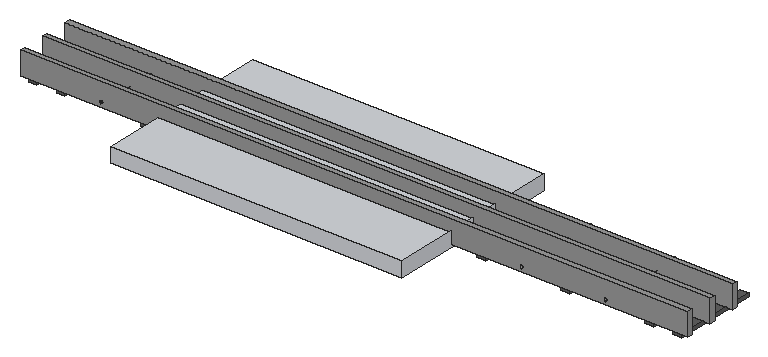
Revit family "1414-3, Veneer", category Generic Models, host Face, Revit 2020
Family settings
  Host = Face
  Can host rebar = No
  Round Connector Dimension = Use Diameter
  Part Type = Normal
  Cut with Voids When Loaded = No
  Shared = No
  Room Calculation Point = No
Parameters
  min_value [instance] = 2' - 4"  # constant formula
  max_value [instance] = 9' - 11 1/4"  # constant formula
  actual_value [instance] = if(NET LENGTH < min_value, min_value, if(NET LENGTH > max_value, max_value, NET LENGTH))  # 7' - 11 1/4"
  NET LENGTH [instance] = 7' - 11 1/4"
  IMPORTANT NOTE!!!                                                                             *Backer & dowel layout is for visualization purposes only, final layout to be determined by 9Wood. [instance] = ""
  Default Elevation = 4' - 0"
  DOWEL RADIUS [instance] = 0' - 0 1/4"  # constant formula
  BACKER & DOWEL MATERIAL [instance] = BLACK-BACKERS
  .. MEMBER WIDTH [instance] = 0' - 0 3/4"  # constant formula
  .. MEMBER MATERIAL [instance] = Veneer Cherry
  .. MEMBER DEPTH [instance] = 0' - 3 1/4"  # constant formula
  .. MEMBER COUNT [instance] = 3  # constant formula
Reference planes (in)
  plane 1 "Center (Front/Back)": y = 0
  plane 2: z = 0
  plane 3 "Center (Left/Right)": x = 0
Forms (in)
  Extrusion 1, solid
    sketch origin (0, 0, 0) x (1, 0, 0) y (0, 1, 0)
      loop
        line (-24.24823, 14.63962) -> (-24.24823, -10.69266) -> (17.36192, -10.69266) -> (17.36192, 14.63962) -> (-24.24823, 14.63962)
    from 0 to 2.0625
Dimensions and locks (in)
  aligned and locked: plane 2 to Extrusion 1
  aligned and locked: nested 1 to plane 2
Nested families (in)
  nested 1: "1400 series" at (-44.01308, -2.1224, -0.06061), NET LENGTH <- "actual_value", .. MEMBER DEPTH <- ".. MEMBER DEPTH", .. MEMBER WIDTH <- ".. MEMBER WIDTH", DOWEL RADIUS <- "DOWEL RADIUS", BACKER & DOWEL MATERIAL <- "BACKER & DOWEL MATERIAL", .. MEMBER MATERIAL <- ".. MEMBER MATERIAL", MEMBER COUNT <- ".. MEMBER COUNT", type "1400 series"
    with X 7' - 8", SCRIM MATERIAL SCRIM, SCRIM LENGTH 8' - 1", SCRIM APPEARANCE yes, SCRIM 2 0' - 0 7/8", SCRIM 1 0' - 0 3/32", OC TYP 1' - 0", NET LENGTH 7' - 11 1/4", N 8, MEMBER COUNT 3, INSET 2 0' - 0 3/16", INSET 0' - 1", HALF MEMBER WIDTH 0' - 0 3/8", END BACKER yes, DOWEL RADIUS 0' - 0 1/4", DOWEL INDEX 0' - 11 5/8", DOWEL COUNT 7, BACKING M COUNT 8, BACKER WIDTH 0' - 1 1/4", BACKER INDEX 0' - 5 5/8", BACKER DEPTH 0' - 0 1/2", BACKER & DOWEL MATERIAL BLACK-BACKERS, BACKER &  DOWEL LENGTH 0' - 11 7/8", .. MEMBER WIDTH 0' - 0 3/4", .. MEMBER OC TYP 0' - 4", .. MEMBER MATERIAL Veneer Cherry, .. MEMBER DEPTH 0' - 3 1/4"
Definition of nested family "1400 series"
  Parameters (values of type "1400 series")
    X [instance] = NET LENGTH - 0' 3 1/4"  # 7' - 2"
    SCRIM MATERIAL [instance] = none
    SCRIM APPEARANCE [instance] = yes
    SCRIM 2 [instance] = 0' - 0 7/8"  # constant formula
    SCRIM 1 [instance] = 0' - 0 3/32"  # constant formula
    OC TYP [instance] = 1' - 0"  # constant formula
    N [instance] = if((X - (rounddown(X / 1' 0") * 1' 0")) > 1' 0", rounddown(X / 1' 0") + 2, rounddown(X / 1' 0") + 1)  # 8
    MEMBER COUNT [instance] = 2
    INSET 5 = 0' - 0 11/16"  # constant formula
    INSET 2 [instance] = 0' - 0 3/16"  # constant formula
    INSET [instance] = 0' - 1"  # constant formula
    END BACKER [instance] = BACKER INDEX > 0' 3 5/8"  # no
    HALF MEMBER WIDTH [instance] = .. MEMBER WIDTH / 2  # 0' - 1 1/8"
    Default Elevation = 0' - 0"
    DOWEL RADIUS [instance] = 0' - 0 1/4"
    DOWEL INDEX [instance] = BACKER INDEX + 0' 6"  # 0' - 8 5/8"
    DOWEL COUNT [instance] = N - 1  # 7
    BACKER WIDTH [instance] = 0' - 1 1/4"  # constant formula
    BACKER INDEX [instance] = (NET LENGTH - ((N - 1) * 1' 0")) / 2  # 0' - 2 5/8"
    BACKER DEPTH [instance] = 0' - 0 1/2"  # constant formula
    BACKING M COUNT [instance] = N  # 8
    BACKER & DOWEL MATERIAL [instance] = none
    BACKER &  DOWEL LENGTH [instance] = 0' - 11 7/8"  # constant formula
    SCRIM LENGTH [instance] = NET LENGTH + (SCRIM 2 * 2)  # 7' - 7"
    .. MEMBER WIDTH [instance] = 0' - 2 1/4"
    .. MEMBER OC TYP [instance] = 1' 0" / MEMBER COUNT  # 0' - 6"
    .. MEMBER MATERIAL [instance] = none
    NET LENGTH [instance] = 7' - 5 1/4"
    .. MEMBER DEPTH [instance] = 0' - 4"
  Reference planes (in)
    plane 1 "Center (Front/Back)": y = 0
    plane 2: z = 0
    plane 3 "Center (Left/Right)": x = 0
    plane 4: x = 89.25
    plane 5: x = 1
    plane 6: x = 88.25
    plane 7: x = 2.625
    plane 8: x = 8.625
    plane 9: x = 14.625
    plane 10: x = 20.625
    plane 11: y = 0.1875
    plane 12: y = 1.125
    plane 13: y = 7.125
    plane 14: y = 12.0625
    plane 15: x = 90.125
    plane 16: x = -0.875
    plane 17: y = 12.15625
    plane 18: y = -0.09375
    plane 19: z = 2.7097
    plane 20: z = 0.56061
    plane 21: z = 1.24811
  Lines and regions (in)
    model lines, not visible
      curve 1: line (8.625, 0, 0.99811) -> (8.625, 0, 1.49811)
      curve 2: line (8.625, 0, 1.49811) -> (8.375, 0, 1.24811)
      curve 3: line (8.375, 0, 1.24811) -> (8.875, 0, 1.24811)
      curve 4: line (20.625, 0, 0.99811) -> (20.625, 0, 1.49811)
      curve 5: line (20.625, 0, 1.49811) -> (20.375, 0, 1.24811)
      curve 6: line (20.375, 0, 1.24811) -> (20.875, 0, 1.24811)
      curve 7: line (32.625, 0, 0.99811) -> (32.625, 0, 1.49811)
      curve 8: line (32.625, 0, 1.49811) -> (32.375, 0, 1.24811)
      curve 9: line (32.375, 0, 1.24811) -> (32.875, 0, 1.24811)
      curve 10: line (44.625, 0, 0.99811) -> (44.625, 0, 1.49811)
      curve 11: line (44.625, 0, 1.49811) -> (44.375, 0, 1.24811)
      curve 12: line (44.375, 0, 1.24811) -> (44.875, 0, 1.24811)
      curve 13: line (56.625, 0, 0.99811) -> (56.625, 0, 1.49811)
      curve 14: line (56.625, 0, 1.49811) -> (56.375, 0, 1.24811)
      curve 15: line (56.375, 0, 1.24811) -> (56.875, 0, 1.24811)
      curve 16: line (68.625, 0, 0.99811) -> (68.625, 0, 1.49811)
      curve 17: line (68.625, 0, 1.49811) -> (68.375, 0, 1.24811)
      curve 18: line (68.375, 0, 1.24811) -> (68.875, 0, 1.24811)
      curve 19: line (80.625, 0, 0.99811) -> (80.625, 0, 1.49811)
      curve 20: line (80.625, 0, 1.49811) -> (80.375, 0, 1.24811)
      curve 21: line (80.375, 0, 1.24811) -> (80.875, 0, 1.24811)
  Dimensions and locks (in)
    "INSET": plane 3 "Center (Left/Right)" to plane 5
    "NET LENGTH": plane 3 "Center (Left/Right)" to plane 4
    "INSET": plane 6 to plane 4
    "BACKER INDEX": plane 3 "Center (Left/Right)" to plane 7
    "DOWEL INDEX": plane 3 "Center (Left/Right)" to plane 8
    "OC TYP": plane 7 to plane 9
    "OC TYP": plane 8 to plane 10
    "INSET 2": plane 1 "Center (Front/Back)" to plane 11
    equal spacing: group 1, group 2, group 5, group 6, group 7, group 13, group 14, group 16  (x3)
    equal spacing: group 3, group 4, group 8, group 9, group 10, group 15, group 17  (x3)
    group 11 to group 12 = 0' - 0"  (x2)
    group 11 to group 12 = 0' - 6"
    ".. MEMBER OC TYP": plane 13 to plane 12
    "HALF MEMBER WIDTH": plane 1 "Center (Front/Back)" to plane 12
    "SCRIM 2": plane 16 to plane 3 "Center (Left/Right)"
    "SCRIM 2": plane 4 to plane 15
    "SCRIM 1": plane 18 to plane 1 "Center (Front/Back)"
    "SCRIM 1": plane 17 to plane 14
    "INSET 5": plane 21 to plane 20
    aligned and locked: level to plane 2
    aligned and locked: plane 7 to nested 2
    aligned and locked: plane 5 to nested 1
    aligned and locked: plane 9 to nested 3
    aligned and locked: nested 1 to plane 5
    aligned and locked: nested 2 to plane 11
    aligned and locked: nested 1 to plane 11
    aligned and locked: nested 3 to plane 11
    aligned and locked: nested 4 to plane 11  (x2)
    aligned and locked: plane 10 to nested 5
    aligned and locked: plane 6 to nested 12
    aligned and locked: nested 5 to plane 11
    aligned and locked: plane 11 to nested 12
    aligned and locked: plane 12 to nested 13
    aligned and locked: nested 14 to plane 13
    aligned and locked: plane 14 to nested 8
    aligned and locked: nested 13 to plane 20
    aligned and locked: plane 21 to nested 4
    aligned and locked: plane 21 to nested 5
    aligned and locked: nested 13 to plane 8
    aligned and locked: plane 10 to nested 13
    aligned and locked: curve 1 to nested 13
    aligned and locked: nested 13 to curve 4
    aligned and locked: plane 20 to nested 1
    aligned and locked: plane 20 to nested 2
    aligned and locked: nested 12 to plane 20
  Automatic sketch dimensions
    curve 3 to curve 1 = 0' - 0 1/4"  (x2)
    curve 1 to curve 3 = 0' - 0 1/4"
    curve 1 to curve 2 = 0' - 0 1/4"
    curve 6 to curve 4 = 0' - 0 1/4"  (x2)
    curve 4 to curve 6 = 0' - 0 1/4"
    curve 4 to curve 5 = 0' - 0 1/4"
    curve 9 to curve 7 = 0' - 0 1/4"  (x2)
    curve 7 to curve 9 = 0' - 0 1/4"
    curve 7 to curve 8 = 0' - 0 1/4"
    curve 12 to curve 10 = 0' - 0 1/4"  (x2)
    curve 10 to curve 12 = 0' - 0 1/4"
    curve 10 to curve 11 = 0' - 0 1/4"
    curve 15 to curve 13 = 0' - 0 1/4"  (x2)
    curve 13 to curve 15 = 0' - 0 1/4"
    curve 13 to curve 14 = 0' - 0 1/4"
    curve 18 to curve 16 = 0' - 0 1/4"  (x2)
    curve 16 to curve 18 = 0' - 0 1/4"
    curve 16 to curve 17 = 0' - 0 1/4"
    curve 21 to curve 19 = 0' - 0 1/4"  (x2)
    curve 19 to curve 21 = 0' - 0 1/4"
    curve 19 to curve 20 = 0' - 0 1/4"
  Nested families (in)
    nested 1: "INSTANCE - 3RD -  EXTEND BOTH SIDES - Parametric Cube.0001" at (1, 0.1875, 0.56061), Length <- "BACKER &  DOWEL LENGTH", Width <- "BACKER WIDTH", Height <- "BACKER DEPTH", Material <- "BACKER & DOWEL MATERIAL", visible <- "END BACKER", type "INSTANCE - 3RD -  EXTEND BOTH SIDES - Parametric Cube.0001"
      with Width 0' - 1 1/4", Material none, Length 0' - 11 7/8", Height 0' - 0 1/2"
    nested 2: "INSTANCE - 2ND -  EXTEND SIDE H CENTER W - Parametric Cube.0001" at (2.625, 0.1875, 0.56061), Width <- "BACKER WIDTH", Length <- "BACKER &  DOWEL LENGTH", Height <- "BACKER DEPTH", Material <- "BACKER & DOWEL MATERIAL", type "INSTANCE - 2ND -  EXTEND SIDE H CENTER W - Parametric Cube.0001"
      with Width 0' - 1 1/4", Material none, Length 0' - 11 7/8", Height 0' - 0 1/2"
    nested 3: "INSTANCE - 2ND -  EXTEND SIDE H CENTER W - Parametric Cube.0001" at (14.625, 0.1875, 0.56061), Width <- "BACKER WIDTH", Length <- "BACKER &  DOWEL LENGTH", Height <- "BACKER DEPTH", Material <- "BACKER & DOWEL MATERIAL", type "INSTANCE - 2ND -  EXTEND SIDE H CENTER W - Parametric Cube.0001"
      with Width 0' - 1 1/4", Material none, Length 0' - 11 7/8", Height 0' - 0 1/2"
    nested 4: "DOWEL" at (-1.375, 0.1875, 1.24811), DOWEL LENGTH <- "BACKER &  DOWEL LENGTH", DOWEL RADII <- "DOWEL RADIUS", BACKING MEM MATERIAL <- "BACKER & DOWEL MATERIAL", type "DOWEL"
      with DOWEL RADII 0' - 0 1/4", DOWEL LENGTH 0' - 11 7/8", BACKING MEM MATERIAL none
    nested 5: "DOWEL" at (10.625, 0.1875, 1.24811), DOWEL LENGTH <- "BACKER &  DOWEL LENGTH", DOWEL RADII <- "DOWEL RADIUS", BACKING MEM MATERIAL <- "BACKER & DOWEL MATERIAL", type "DOWEL"
      with DOWEL RADII 0' - 0 1/4", DOWEL LENGTH 0' - 11 7/8", BACKING MEM MATERIAL none
    nested 6: "INSTANCE - 2ND -  EXTEND SIDE H CENTER W - Parametric Cube.0001" at (26.625, 0.1875, 0.56061), Width <- "BACKER WIDTH", Length <- "BACKER &  DOWEL LENGTH", Height <- "BACKER DEPTH", Material <- "BACKER & DOWEL MATERIAL", type "INSTANCE - 2ND -  EXTEND SIDE H CENTER W - Parametric Cube.0001"
      with Width 0' - 1 1/4", Material none, Length 0' - 11 7/8", Height 0' - 0 1/2"
    nested 7: "INSTANCE - 2ND -  EXTEND SIDE H CENTER W - Parametric Cube.0001" at (38.625, 0.1875, 0.56061), Width <- "BACKER WIDTH", Length <- "BACKER &  DOWEL LENGTH", Height <- "BACKER DEPTH", Material <- "BACKER & DOWEL MATERIAL", type "INSTANCE - 2ND -  EXTEND SIDE H CENTER W - Parametric Cube.0001"
      with Width 0' - 1 1/4", Material none, Length 0' - 11 7/8", Height 0' - 0 1/2"
    nested 8: "INSTANCE - 2ND -  EXTEND SIDE H CENTER W - Parametric Cube.0001" at (50.625, 0.1875, 0.56061), Width <- "BACKER WIDTH", Length <- "BACKER &  DOWEL LENGTH", Height <- "BACKER DEPTH", Material <- "BACKER & DOWEL MATERIAL", type "INSTANCE - 2ND -  EXTEND SIDE H CENTER W - Parametric Cube.0001"
      with Width 0' - 1 1/4", Material none, Length 0' - 11 7/8", Height 0' - 0 1/2"
    nested 9: "DOWEL" at (22.625, 0.1875, 1.24811), DOWEL LENGTH <- "BACKER &  DOWEL LENGTH", DOWEL RADII <- "DOWEL RADIUS", BACKING MEM MATERIAL <- "BACKER & DOWEL MATERIAL", type "DOWEL"
      with DOWEL RADII 0' - 0 1/4", DOWEL LENGTH 0' - 11 7/8", BACKING MEM MATERIAL none
    nested 10: "DOWEL" at (34.625, 0.1875, 1.24811), DOWEL LENGTH <- "BACKER &  DOWEL LENGTH", DOWEL RADII <- "DOWEL RADIUS", BACKING MEM MATERIAL <- "BACKER & DOWEL MATERIAL", type "DOWEL"
      with DOWEL RADII 0' - 0 1/4", DOWEL LENGTH 0' - 11 7/8", BACKING MEM MATERIAL none
    nested 11: "DOWEL" at (46.625, 0.1875, 1.24811), DOWEL LENGTH <- "BACKER &  DOWEL LENGTH", DOWEL RADII <- "DOWEL RADIUS", BACKING MEM MATERIAL <- "BACKER & DOWEL MATERIAL", type "DOWEL"
      with DOWEL RADII 0' - 0 1/4", DOWEL LENGTH 0' - 11 7/8", BACKING MEM MATERIAL none
    nested 12: "INSTANCE - 3RD -  EXTEND BOTH SIDES - Parametric Cube.0001" at (88.25, 0.1875, 0.56061) x (-1, 0, 0) z (0, 0, 1), Width <- "BACKER WIDTH", Length <- "BACKER &  DOWEL LENGTH", Height <- "BACKER DEPTH", Material <- "BACKER & DOWEL MATERIAL", visible <- "END BACKER", type "INSTANCE - 3RD -  EXTEND BOTH SIDES - Parametric Cube.0001"
      with Width 0' - 1 1/4", Material none, Length 0' - 11 7/8", Height 0' - 0 1/2"
    nested 13: "HOLED MEMBER" at (0, -9.75, 8.12965), DOWEL INDEX <- "DOWEL INDEX", .. MEMBER LENGTH <- "NET LENGTH", .. MEMBER WIDTH <- ".. MEMBER WIDTH", DOWEL OC DIST <- "OC TYP", DOWEL RADII <- "DOWEL RADIUS", Material <- ".. MEMBER MATERIAL", DEPTH <- ".. MEMBER DEPTH", DOWEL COUNT <- "DOWEL COUNT", Space <- "INSET 5", type "HOLED MEMBER"
      with Space 0' - 0 11/16", Material none, Height 0' - 10.43096", HALF MEMBER WIDTH 0' - 1 1/8", DOWEL RADII 0' - 0 1/4", DOWEL OC DIST 1' - 0", DOWEL INDEX 0' - 8 5/8", DOWEL COUNT 7, DEPTH 0' - 4", .. MEMBER WIDTH 0' - 2 1/4", .. MEMBER LENGTH 7' - 5 1/4"
    nested 14: "HOLED MEMBER" at (0, -3.75, 8.12965), DOWEL INDEX <- "DOWEL INDEX", .. MEMBER LENGTH <- "NET LENGTH", .. MEMBER WIDTH <- ".. MEMBER WIDTH", DOWEL OC DIST <- "OC TYP", DOWEL RADII <- "DOWEL RADIUS", Material <- ".. MEMBER MATERIAL", DEPTH <- ".. MEMBER DEPTH", DOWEL COUNT <- "DOWEL COUNT", Space <- "INSET 5", type "HOLED MEMBER"
      with Space 0' - 0 11/16", Material none, Height 0' - 10.43096", HALF MEMBER WIDTH 0' - 1 1/8", DOWEL RADII 0' - 0 1/4", DOWEL OC DIST 1' - 0", DOWEL INDEX 0' - 8 5/8", DOWEL COUNT 7, DEPTH 0' - 4", .. MEMBER WIDTH 0' - 2 1/4", .. MEMBER LENGTH 7' - 5 1/4"
    nested 15: "INSTANCE - 2ND -  EXTEND SIDE H CENTER W - Parametric Cube.0001" at (62.625, 0.1875, 0.56061), Width <- "BACKER WIDTH", Length <- "BACKER &  DOWEL LENGTH", Height <- "BACKER DEPTH", Material <- "BACKER & DOWEL MATERIAL", type "INSTANCE - 2ND -  EXTEND SIDE H CENTER W - Parametric Cube.0001"
      with Width 0' - 1 1/4", Material none, Length 0' - 11 7/8", Height 0' - 0 1/2"
    nested 16: "INSTANCE - 2ND -  EXTEND SIDE H CENTER W - Parametric Cube.0001" at (74.625, 0.1875, 0.56061), Width <- "BACKER WIDTH", Length <- "BACKER &  DOWEL LENGTH", Height <- "BACKER DEPTH", Material <- "BACKER & DOWEL MATERIAL", type "INSTANCE - 2ND -  EXTEND SIDE H CENTER W - Parametric Cube.0001"
      with Width 0' - 1 1/4", Material none, Length 0' - 11 7/8", Height 0' - 0 1/2"
    nested 17: "DOWEL" at (58.625, 0.1875, 1.24811), DOWEL LENGTH <- "BACKER &  DOWEL LENGTH", DOWEL RADII <- "DOWEL RADIUS", BACKING MEM MATERIAL <- "BACKER & DOWEL MATERIAL", type "DOWEL"
      with DOWEL RADII 0' - 0 1/4", DOWEL LENGTH 0' - 11 7/8", BACKING MEM MATERIAL none
    nested 18: "INSTANCE - 2ND -  EXTEND SIDE H CENTER W - Parametric Cube.0001" at (86.625, 0.1875, 0.56061), Width <- "BACKER WIDTH", Length <- "BACKER &  DOWEL LENGTH", Height <- "BACKER DEPTH", Material <- "BACKER & DOWEL MATERIAL", type "INSTANCE - 2ND -  EXTEND SIDE H CENTER W - Parametric Cube.0001"
      with Width 0' - 1 1/4", Material none, Length 0' - 11 7/8", Height 0' - 0 1/2"
    nested 19: "DOWEL" at (70.625, 0.1875, 1.24811), DOWEL LENGTH <- "BACKER &  DOWEL LENGTH", DOWEL RADII <- "DOWEL RADIUS", BACKING MEM MATERIAL <- "BACKER & DOWEL MATERIAL", type "DOWEL"
      with DOWEL RADII 0' - 0 1/4", DOWEL LENGTH 0' - 11 7/8", BACKING MEM MATERIAL none
  Definition of nested family "INSTANCE - 3RD -  EXTEND BOTH SIDES - Parametric Cube.0001"
    Parameters (values of type "INSTANCE - 3RD -  EXTEND BOTH SIDES - Parametric Cube.0001")
      Width [instance] = 0' - 6"
      Material [instance] = none
      Length [instance] = 1' - 0"
      Height [instance] = 1' - 6"
      Default Elevation = 0' - 0"
    Reference planes (in)
      plane 1 "Center (Front/Back)": y = 0
      plane 2: z = 0
      plane 3 "Center (Left/Right)": x = 0
      plane 4: x = 6
      plane 5: y = 12
      plane 6: z = -18
    Forms (in)
      Extrusion 1, solid, material <- "Material"
        sketch origin (0, 6, 0) x (1, 0, 0) y (0, 1, 0)
          loop
            line (0, 6) -> (0, -6) -> (6, -6) -> (6, 6) -> (0, 6)
        from -18 to 0
    Dimensions and locks (in)
      "Height": plane 6 to level
      "Length": plane 1 "Center (Front/Back)" to plane 5
      "Width": plane 3 "Center (Left/Right)" to plane 4
      aligned and locked: plane 2 to level
      aligned and locked: Extrusion 1 sketch curve to plane 4
      aligned and locked: Extrusion 1 to plane 6
      aligned and locked: plane 5 to Extrusion 1
      aligned and locked: Extrusion 1 to plane 3 "Center (Left/Right)"
    Automatic sketch dimensions
      plane 1 "Center (Front/Back)" to Extrusion 1 sketch curve = 0' - 0"
      plane 5 to Extrusion 1 sketch curve = 0' - 0"
      Extrusion 1 sketch curve to plane 3 "Center (Left/Right)" = 0' - 0"
  Definition of nested family "INSTANCE - 2ND -  EXTEND SIDE H CENTER W - Parametric Cube.0001"
    Parameters (values of type "INSTANCE - 2ND -  EXTEND SIDE H CENTER W - Parametric Cube.0001")
      Width [instance] = 0' - 6"
      Material [instance] = none
      Length [instance] = 1' - 0"
      Height [instance] = 1' - 6"
      Default Elevation = 0' - 0"
    Reference planes (in)
      plane 1 "Center (Front/Back)": y = 0
      plane 2: z = 0
      plane 3 "Center (Left/Right)": x = 0
      plane 4: x = -3
      plane 5: x = 3
      plane 6: y = 12
      plane 7: z = -18
    Forms (in)
      Extrusion 1, solid, material <- "Material"
        sketch origin (0, 6, 0) x (1, 0, 0) y (0, 1, 0)
          loop
            line (-3, 6) -> (-3, -6) -> (3, -6) -> (3, 6) -> (-3, 6)
        from -18 to 0
    Dimensions and locks (in)
      equal spacing: plane 4, plane 3 "Center (Left/Right)", plane 5
      "Width": plane 4 to plane 5
      "Height": plane 7 to level
      "Length": plane 1 "Center (Front/Back)" to plane 6
      aligned and locked: plane 2 to level
      aligned and locked: plane 4 to Extrusion 1 sketch curve
      aligned and locked: Extrusion 1 sketch curve to plane 5
      aligned and locked: Extrusion 1 to plane 7
      aligned and locked: plane 6 to Extrusion 1
    Automatic sketch dimensions
      plane 1 "Center (Front/Back)" to Extrusion 1 sketch curve = 0' - 0"
      plane 6 to Extrusion 1 sketch curve = 0' - 0"
  Definition of nested family "DOWEL"
    Parameters (values of type "DOWEL")
      Default Elevation = 0' - 0"
      DOWEL RADII [instance] = 0' - 0 5/8"
      DOWEL LENGTH [instance] = 1' - 0"
      BACKING MEM MATERIAL [instance] = none
    Reference planes (in)
      plane 1 "Center (Front/Back)": y = 0
      plane 2: z = 0
      plane 3 "Center (Left/Right)": x = 0
      plane 4: y = 12
    Forms (in)
      Extrusion 1, solid, material <- "BACKING MEM MATERIAL"
        sketch origin (10, 0, 0) x (1, 0, 0) y (0, 0, 1)
          loop
            circle (0, 0) r 0.625
        from 0 to -12
      Extrusion 2, solid, not visible
        sketch origin (0, 0, 0) x (1, 0, 0) y (0, 0, 1)
          loop
            circle (0, 0) r 0.625
        from 0 to 12
      Extrusion 3, solid, not visible
        sketch origin (10, 0, 0) x (1, 0, 0) y (0, 0, 1)
          loop
            circle (0, 0) r 0.625
        from 0 to 2.5
      Extrusion 4, solid, not visible
        sketch origin (10, 0, 0) x (1, 0, 0) y (0, 0, 1)
          loop
            circle (0, 0) r 0.625
        from 0 to -12
    Lines and regions (in)
      model lines, not visible
        curve 1: line (-13, 0, 0) -> (-13, -12, 0)
        curve 2: line (13, 0, 0) -> (13, -12, 0)
        curve 3: line (9.89453, 0, 0) -> (10.08794, 0, 0)
        curve 4: line (9.89453, -2.5, 0) -> (10.08794, -2.5, 0)
        curve 6: line (10, 0, 0) -> (10, 2, 0)
      model lines
        curve 5: line (10, 0, 0) -> (10, 2, 0)
    Dimensions and locks (in)
      "DOWEL LENGTH": plane 1 "Center (Front/Back)" to plane 4
      "DOWEL RADII": radius of Extrusion 1 sketch curve
      "DOWEL RADII": radius of Extrusion 2 sketch curve
      "DOWEL RADII": radius of Extrusion 3 sketch curve
      "DOWEL RADII": radius of Extrusion 4 sketch curve
      "DOWEL RADII": radius of Extrusion 1
      aligned and locked: plane 2 to level
      aligned and locked: Extrusion 1 to plane 1 "Center (Front/Back)"  (x3)
      aligned and locked: plane 1 "Center (Front/Back)" to Extrusion 1
      aligned and locked: plane 4 to Extrusion 1
    Automatic sketch dimensions
      plane 1 "Center (Front/Back)" to curve 5 = 0' - 0"
      curve 5 to plane 1 "Center (Front/Back)" = 0' - 2"
      plane 3 "Center (Left/Right)" to curve 5 = 0' - 10"
      Extrusion 1 sketch curve to level = 0' - 0"
      plane 3 "Center (Left/Right)" to Extrusion 1 sketch curve = 0' - 10"
  Definition of nested family "HOLED MEMBER"
    Parameters (values of type "HOLED MEMBER")
      Space [instance] = 0' - 0 5/8"
      Material [instance] = none
      Height [instance] = 0' - 10.43096"
      HALF MEMBER WIDTH [instance] = .. MEMBER WIDTH / 2  # 0' - 0 5/16"
      Default Elevation = 0' - 0"
      DOWEL RADII [instance] = 0' - 0.34537"
      DOWEL OC DIST [instance] = 1' - 0"
      DOWEL INSET = 0' - 0 5/8"
      DOWEL INDEX [instance] = 0' - 5 5/8"
      DOWEL COUNT [instance] = 6
      DEPTH [instance] = 0' - 2"
      .. MEMBER WIDTH [instance] = 0' - 0 5/8"
      .. MEMBER LENGTH [instance] = 5' - 11 3/4"
    Reference planes (in)
      plane 1 "Center (Front/Back)": y = 12
      plane 2: z = -7.56904
      plane 3 "Center (Left/Right)": x = 0
      plane 4: x = 5.625
      plane 5: x = 17.625
      plane 6: y = 11.375
      plane 7: x = 71.75
      plane 8: y = 11.6875
      plane 9: z = -6.94404
      plane 10: z = -5.56904
    Forms (in)
      Extrusion 1, solid, material <- "Material"
        sketch origin (0, 12, -13.56904) x (1, 0, 0) y (0, 0, 1)
          loop
            line (0, 6) -> (71.75, 6) -> (71.75, 8) -> (0, 8) -> (0, 6)
        from 0.625 to 0
      Extrusion 2, void
        sketch origin (0, 12, -18.31904) x (1, 0, 0) y (0, 0, 1)
          loop
            circle (5.625, 11.375) r 0.34537
        from 0 to 12
      Extrusion 3, void, not visible
        sketch origin (0, 0, 0) x (1, 0, 0) y (0, 1, 0)
          loop
            circle (5.625, 11.375) r 0.34537
        from 0 to 12
      Extrusion 4, void, not visible
        sketch origin (0, 0, 0) x (1, 0, 0) y (0, 1, 0)
          loop
            circle (5.625, 11.375) r 0.34537
        from 0 to 12
      Extrusion 5, void, not visible
        sketch origin (12, 0, 0) x (1, 0, 0) y (0, 1, 0)
          loop
            circle (5.625, 11.375) r 0.34537
        from 0 to 12
      Extrusion 6, void, not visible
        sketch origin (0, 12, -17.56904) x (1, 0, 0) y (0, 0, 1)
          loop
            circle (5.625, 11.375) r 0.34537
        from 0 to 12
      Extrusion 7, void, not visible
        sketch origin (12, 12, -17.56904) x (1, 0, 0) y (0, 0, 1)
          loop
            circle (5.625, 11.375) r 0.34537
        from 0 to 12
      Extrusion 8, void, not visible
        sketch origin (0, 12, -19.56904) x (1, 0, 0) y (0, 0, 1)
          loop
            circle (5.625, 11.375) r 0.34537
        from 0 to 12
      Extrusion 9, void
        sketch origin (12, 12, -18.31904) x (1, 0, 0) y (0, 0, 1)
          loop
            circle (5.625, 11.375) r 0.34537
        from 0 to 12
      Extrusion 10, void
        sketch origin (24, 12, -18.31904) x (1, 0, 0) y (0, 0, 1)
          loop
            circle (5.625, 11.375) r 0.34537
        from 0 to 12
      Extrusion 11, void
        sketch origin (36, 12, -18.31904) x (1, 0, 0) y (0, 0, 1)
          loop
            circle (5.625, 11.375) r 0.34537
        from 0 to 12
      Extrusion 12, void
        sketch origin (48, 12, -18.31904) x (1, 0, 0) y (0, 0, 1)
          loop
            circle (5.625, 11.375) r 0.34537
        from 0 to 12
      Extrusion 13, void
        sketch origin (60, 12, -18.31904) x (1, 0, 0) y (0, 0, 1)
          loop
            circle (5.625, 11.375) r 0.34537
        from 0 to 12
      Extrusion 14, void, not visible
        sketch origin (24, 12, -17.56904) x (1, 0, 0) y (0, 0, 1)
          loop
            circle (5.625, 11.375) r 0.34537
        from 0 to 12
      Extrusion 15, void, not visible
        sketch origin (36, 12, -17.56904) x (1, 0, 0) y (0, 0, 1)
          loop
            circle (5.625, 11.375) r 0.34537
        from 0 to 12
      Extrusion 16, void, not visible
        sketch origin (48, 12, -17.56904) x (1, 0, 0) y (0, 0, 1)
          loop
            circle (5.625, 11.375) r 0.34537
        from 0 to 12
      Extrusion 17, void, not visible
        sketch origin (60, 12, -17.56904) x (1, 0, 0) y (0, 0, 1)
          loop
            circle (5.625, 11.375) r 0.34537
        from 0 to 12
      Extrusion 18, void, not visible
        sketch origin (24, 0, 0) x (1, 0, 0) y (0, 1, 0)
          loop
            circle (5.625, 11.375) r 0.34537
        from 0 to 12
      Extrusion 19, void, not visible
        sketch origin (36, 0, 0) x (1, 0, 0) y (0, 1, 0)
          loop
            circle (5.625, 11.375) r 0.34537
        from 0 to 12
      Extrusion 20, void, not visible
        sketch origin (48, 0, 0) x (1, 0, 0) y (0, 1, 0)
          loop
            circle (5.625, 11.375) r 0.34537
        from 0 to 12
      Extrusion 21, void, not visible
        sketch origin (60, 0, 0) x (1, 0, 0) y (0, 1, 0)
          loop
            circle (5.625, 11.375) r 0.34537
        from 0 to 12
    Cuts and joins
      Extrusion 2, Extrusion 9, Extrusion 10, Extrusion 11, Extrusion 12, Extrusion 13 cuts Extrusion 1
    Lines and regions (in)
      model lines, not visible
        curve 1: line (5.625, 11.72037, 0) -> (5.625, 11.02963, 0)
        curve 2: line (5.625, 11.72037, 0) -> (5.625, 11.02963, 0)
        curve 3: line (17.625, 11.72037, 0) -> (17.625, 11.02963, 0)
        curve 4: line (5.625, 12, -7.56904) -> (5.625, 11.87317, -7.56904)
        curve 5: line (5.625, 11.87317, -7.56904) -> (5.06195, 11.87317, -7.56904)
        curve 6: line (5.06195, 11.87317, -7.56904) -> (5.27963, 11.375, -7.56904)
        curve 7: line (0, 12, -6.19404) -> (0, 11.61951, -6.19404)
        curve 9: line (0, 11.375, -8.19404) -> (0, 11.6747, -8.19404)
        curve 10: line (5.625, 12, -7.56904) -> (5.625, 11.69863, -7.56904)
        curve 11: line (5.625, 12, -7.56904) -> (5.625, 11.69863, -7.56904)
        curve 12: line (5.625, 10.75, 0) -> (5.625, 10.75, 0.30137)
        curve 13: line (5.625, 10.75, 0) -> (5.625, 10.75, 0.30137)
        curve 14: line (17.625, 10.75, 0) -> (17.625, 10.75, 0.30137)
        curve 15: line (5.625, 12, -6.81904) -> (5.625, 11.69863, -6.81904)
        curve 16: line (17.625, 12, -6.81904) -> (17.625, 11.69863, -6.81904)
        curve 17: line (5.625, 12, -8.81904) -> (5.625, 11.69863, -8.81904)
        curve 18: line (17.625, 12, -7.56904) -> (17.625, 11.69863, -7.56904)
        curve 19: line (29.625, 12, -7.56904) -> (29.625, 11.69863, -7.56904)
        curve 20: line (41.625, 12, -7.56904) -> (41.625, 11.69863, -7.56904)
        curve 21: line (53.625, 12, -7.56904) -> (53.625, 11.69863, -7.56904)
        curve 22: line (65.625, 12, -7.56904) -> (65.625, 11.69863, -7.56904)
        curve 23: line (29.625, 12, -6.81904) -> (29.625, 11.69863, -6.81904)
        curve 24: line (41.625, 12, -6.81904) -> (41.625, 11.69863, -6.81904)
        curve 25: line (53.625, 12, -6.81904) -> (53.625, 11.69863, -6.81904)
        curve 26: line (65.625, 12, -6.81904) -> (65.625, 11.69863, -6.81904)
        curve 27: line (29.625, 11.72037, 0) -> (29.625, 11.02963, 0)
        curve 28: line (29.625, 10.75, 0) -> (29.625, 10.75, 0.30137)
        curve 29: line (41.625, 11.72037, 0) -> (41.625, 11.02963, 0)
        curve 30: line (41.625, 10.75, 0) -> (41.625, 10.75, 0.30137)
        curve 31: line (53.625, 11.72037, 0) -> (53.625, 11.02963, 0)
        curve 32: line (53.625, 10.75, 0) -> (53.625, 10.75, 0.30137)
        curve 33: line (65.625, 11.72037, 0) -> (65.625, 11.02963, 0)
        curve 34: line (65.625, 10.75, 0) -> (65.625, 10.75, 0.30137)
        curve 35: line (5.27963, 12, -6.94404) -> (5.97037, 12, -6.94404)
        curve 36: line (5.97037, 12, -6.94404) -> (5.625, 12, -6.59867)
        curve 37: line (5.625, 12, -6.59867) -> (5.625, 12, -7.28941)
        curve 38: line (5.27963, 11.375, 0) -> (5.97037, 11.375, 0)
        curve 39: line (5.97037, 11.375, 0) -> (5.625, 11.72037, 0)
        curve 40: line (5.625, 11.72037, 0) -> (5.625, 11.02963, 0)
        curve 41: line (5.27963, 11.375, 0) -> (5.97037, 11.375, 0)
        curve 42: line (5.97037, 11.375, 0) -> (5.625, 11.72037, 0)
        curve 43: line (5.625, 11.72037, 0) -> (5.625, 11.02963, 0)
        curve 44: line (17.27963, 11.375, 0) -> (17.97037, 11.375, 0)
        curve 45: line (17.97037, 11.375, 0) -> (17.625, 11.72037, 0)
        curve 46: line (17.625, 11.72037, 0) -> (17.625, 11.02963, 0)
        curve 47: line (5.27963, 12, -6.19404) -> (5.97037, 12, -6.19404)
        curve 48: line (5.97037, 12, -6.19404) -> (5.625, 12, -5.84867)
        curve 49: line (5.625, 12, -5.84867) -> (5.625, 12, -6.53941)
        curve 50: line (17.27963, 12, -6.19404) -> (17.97037, 12, -6.19404)
        curve 51: line (17.97037, 12, -6.19404) -> (17.625, 12, -5.84867)
        curve 52: line (17.625, 12, -5.84867) -> (17.625, 12, -6.53941)
        curve 53: line (5.27963, 12, -8.19404) -> (5.97037, 12, -8.19404)
        curve 54: line (5.97037, 12, -8.19404) -> (5.625, 12, -7.84867)
        curve 55: line (5.625, 12, -7.84867) -> (5.625, 12, -8.53941)
        curve 56: line (17.27963, 12, -6.94404) -> (17.97037, 12, -6.94404)
        curve 57: line (17.97037, 12, -6.94404) -> (17.625, 12, -6.59867)
        curve 58: line (17.625, 12, -6.59867) -> (17.625, 12, -7.28941)
        curve 59: line (29.27963, 12, -6.94404) -> (29.97037, 12, -6.94404)
        curve 60: line (29.97037, 12, -6.94404) -> (29.625, 12, -6.59867)
        curve 61: line (29.625, 12, -6.59867) -> (29.625, 12, -7.28941)
        curve 62: line (41.27963, 12, -6.94404) -> (41.97037, 12, -6.94404)
        curve 63: line (41.97037, 12, -6.94404) -> (41.625, 12, -6.59867)
        curve 64: line (41.625, 12, -6.59867) -> (41.625, 12, -7.28941)
        curve 65: line (53.27963, 12, -6.94404) -> (53.97037, 12, -6.94404)
        curve 66: line (53.97037, 12, -6.94404) -> (53.625, 12, -6.59867)
        curve 67: line (53.625, 12, -6.59867) -> (53.625, 12, -7.28941)
        curve 68: line (65.27963, 12, -6.94404) -> (65.97037, 12, -6.94404)
        curve 69: line (65.97037, 12, -6.94404) -> (65.625, 12, -6.59867)
        curve 70: line (65.625, 12, -6.59867) -> (65.625, 12, -7.28941)
        curve 71: line (29.27963, 12, -6.19404) -> (29.97037, 12, -6.19404)
        curve 72: line (29.97037, 12, -6.19404) -> (29.625, 12, -5.84867)
        curve 73: line (29.625, 12, -5.84867) -> (29.625, 12, -6.53941)
        curve 74: line (41.27963, 12, -6.19404) -> (41.97037, 12, -6.19404)
        curve 75: line (41.97037, 12, -6.19404) -> (41.625, 12, -5.84867)
        curve 76: line (41.625, 12, -5.84867) -> (41.625, 12, -6.53941)
        curve 77: line (53.27963, 12, -6.19404) -> (53.97037, 12, -6.19404)
        curve 78: line (53.97037, 12, -6.19404) -> (53.625, 12, -5.84867)
        curve 79: line (53.625, 12, -5.84867) -> (53.625, 12, -6.53941)
        curve 80: line (65.27963, 12, -6.19404) -> (65.97037, 12, -6.19404)
        curve 81: line (65.97037, 12, -6.19404) -> (65.625, 12, -5.84867)
        curve 82: line (65.625, 12, -5.84867) -> (65.625, 12, -6.53941)
        curve 83: line (29.27963, 11.375, 0) -> (29.97037, 11.375, 0)
        curve 84: line (29.97037, 11.375, 0) -> (29.625, 11.72037, 0)
        curve 85: line (29.625, 11.72037, 0) -> (29.625, 11.02963, 0)
        curve 86: line (41.27963, 11.375, 0) -> (41.97037, 11.375, 0)
        curve 87: line (41.97037, 11.375, 0) -> (41.625, 11.72037, 0)
        curve 88: line (41.625, 11.72037, 0) -> (41.625, 11.02963, 0)
        curve 89: line (53.27963, 11.375, 0) -> (53.97037, 11.375, 0)
        curve 90: line (53.97037, 11.375, 0) -> (53.625, 11.72037, 0)
        curve 91: line (53.625, 11.72037, 0) -> (53.625, 11.02963, 0)
        curve 92: line (65.27963, 11.375, 0) -> (65.97037, 11.375, 0)
        curve 93: line (65.97037, 11.375, 0) -> (65.625, 11.72037, 0)
        curve 94: line (65.625, 11.72037, 0) -> (65.625, 11.02963, 0)
      model lines
        curve 8: line (5.625, 12, -7.56904) -> (5.625, 11.69863, -7.56904)
    Dimensions and locks (in)
      "DOWEL INDEX": plane 3 "Center (Left/Right)" to plane 4
      "DOWEL OC DIST": plane 4 to plane 5
      ".. MEMBER LENGTH": plane 3 "Center (Left/Right)" to plane 7
      equal spacing: group 3, group 4, group 21, group 22, group 23, group 24  (x3)
      equal spacing: group 7, group 8, group 17, group 18, group 19, group 20  (x3)
      ".. MEMBER WIDTH": plane 6 to plane 1 "Center (Front/Back)"
      "HALF MEMBER WIDTH": plane 8 to plane 1 "Center (Front/Back)"
      equal spacing: group 1, group 12, group 13, group 14, group 15, group 16  (x2)
      equal spacing: group 16, group 15, group 14, group 13, group 12, group 1
      "DEPTH": plane 10 to level
      "Space": plane 9 to level
      "DOWEL RADII": radius of Extrusion 2 sketch curve
      "DOWEL RADII": radius of Extrusion 3 sketch curve
      "DOWEL RADII": radius of Extrusion 4 sketch curve
      "DOWEL RADII": radius of Extrusion 5 sketch curve
      "DOWEL RADII": radius of Extrusion 6 sketch curve
      "DOWEL RADII": radius of Extrusion 7 sketch curve
      "DOWEL RADII": radius of Extrusion 8 sketch curve
      "DOWEL RADII": radius of Extrusion 9 sketch curve
      "DOWEL RADII": radius of Extrusion 10 sketch curve
      "DOWEL RADII": radius of Extrusion 11 sketch curve
      "DOWEL RADII": radius of Extrusion 12 sketch curve
      "DOWEL RADII": radius of Extrusion 13 sketch curve
      "DOWEL RADII": radius of Extrusion 14 sketch curve
      "DOWEL RADII": radius of Extrusion 15 sketch curve
      "DOWEL RADII": radius of Extrusion 16 sketch curve
      "DOWEL RADII": radius of Extrusion 17 sketch curve
      "DOWEL RADII": radius of Extrusion 18 sketch curve
      "DOWEL RADII": radius of Extrusion 19 sketch curve
      "DOWEL RADII": radius of Extrusion 20 sketch curve
      "DOWEL RADII": radius of Extrusion 21 sketch curve
      aligned and locked: level to plane 2
      aligned and locked: Extrusion 1 to plane 3 "Center (Left/Right)"  (x2)
      aligned and locked: plane 7 to cut or joined group of Extrusion 1, Extrusion 2, Extrusion 9, Extrusion 10, Extrusion 11, Extrusion 12, Extrusion 13  (x2)
      aligned and locked: cut or joined group of Extrusion 1, Extrusion 2, Extrusion 9, Extrusion 10, Extrusion 11, Extrusion 12, Extrusion 13 to plane 1 "Center (Front/Back)"  (x2)
      aligned and locked: cut or joined group of Extrusion 1, Extrusion 2, Extrusion 9, Extrusion 10, Extrusion 11, Extrusion 12, Extrusion 13 to plane 6  (x2)
      aligned and locked: plane 4 to curve 11
      aligned and locked: curve 18 to plane 5
      aligned and locked: plane 4 to group 1
      aligned and locked: group 12 to plane 5
      aligned and locked: curve 35 to plane 9
      aligned and locked: plane 4 to curve 37
      aligned and locked: curve 56 to plane 9
      aligned and locked: curve 58 to plane 5
      aligned and locked: plane 10 to cut or joined group of Extrusion 1, Extrusion 2, Extrusion 9, Extrusion 10, Extrusion 11, Extrusion 12, Extrusion 13  (x2)
      aligned and locked: cut or joined group of Extrusion 1, Extrusion 2, Extrusion 9, Extrusion 10, Extrusion 11, Extrusion 12, Extrusion 13 to level
      aligned and locked: level to cut or joined group of Extrusion 1, Extrusion 2, Extrusion 9, Extrusion 10, Extrusion 11, Extrusion 12, Extrusion 13
    Automatic sketch dimensions
      curve 1 to curve 1 = 0' - 0.69074"
      curve 2 to curve 2 = 0' - 0.69074"
      curve 3 to curve 3 = 0' - 0.69074"
      Extrusion 1 sketch curve to plane 3 "Center (Left/Right)" = 0' - 0"
      Extrusion 1 sketch curve to plane 7 = 0' - 0"
      Extrusion 1 sketch curve to Extrusion 1 sketch curve = 0' - 2"
      Extrusion 1 sketch curve to level = 0' - 0"
      curve 8 to curve 8 = 0' - 0.30137"
      curve 10 to curve 10 = 0' - 0.30137"
      curve 8 to plane 4 = 0' - 0"
      plane 1 "Center (Front/Back)" to curve 8 = 0' - 0"
      plane 1 "Center (Front/Back)" to curve 8 = 0' - 0.30137"
      curve 11 to curve 11 = 0' - 0.30137"
      curve 12 to curve 12 = 0' - 0.30137"
      curve 13 to curve 13 = 0' - 0.30137"
      curve 14 to curve 14 = 0' - 0.30137"
      curve 15 to curve 15 = 0' - 0.30137"
      curve 16 to curve 16 = 0' - 0.30137"
      curve 17 to curve 17 = 0' - 0.30137"
      curve 18 to curve 18 = 0' - 0.30137"
      curve 19 to curve 19 = 0' - 0.30137"
      curve 20 to curve 20 = 0' - 0.30137"
      curve 21 to curve 21 = 0' - 0.30137"
      curve 22 to curve 22 = 0' - 0.30137"
      curve 23 to curve 23 = 0' - 0.30137"
      curve 24 to curve 24 = 0' - 0.30137"
      curve 25 to curve 25 = 0' - 0.30137"
      curve 26 to curve 26 = 0' - 0.30137"
      curve 27 to curve 27 = 0' - 0.69074"
      curve 28 to curve 28 = 0' - 0.30137"
      curve 29 to curve 29 = 0' - 0.69074"
      curve 30 to curve 30 = 0' - 0.30137"
      curve 31 to curve 31 = 0' - 0.69074"
      curve 32 to curve 32 = 0' - 0.30137"
      curve 33 to curve 33 = 0' - 0.69074"
      curve 34 to curve 34 = 0' - 0.30137"
      curve 37 to curve 35 = 0' - 0.34537"  (x2)
      curve 35 to curve 36 = 0' - 0.34537"
      curve 35 to curve 37 = 0' - 0.34537"
      curve 40 to curve 38 = 0' - 0.34537"  (x2)
      curve 38 to curve 39 = 0' - 0.34537"
      curve 38 to curve 40 = 0' - 0.34537"
      curve 43 to curve 41 = 0' - 0.34537"  (x2)
      curve 41 to curve 42 = 0' - 0.34537"
      curve 41 to curve 43 = 0' - 0.34537"
      curve 46 to curve 44 = 0' - 0.34537"  (x2)
      curve 44 to curve 45 = 0' - 0.34537"
      curve 44 to curve 46 = 0' - 0.34537"
      curve 49 to curve 47 = 0' - 0.34537"  (x2)
      curve 47 to curve 48 = 0' - 0.34537"
      curve 47 to curve 49 = 0' - 0.34537"
      curve 52 to curve 50 = 0' - 0.34537"  (x2)
      curve 50 to curve 51 = 0' - 0.34537"
      curve 50 to curve 52 = 0' - 0.34537"
      curve 55 to curve 53 = 0' - 0.34537"  (x2)
      curve 53 to curve 54 = 0' - 0.34537"
      curve 53 to curve 55 = 0' - 0.34537"
      curve 58 to curve 56 = 0' - 0.34537"  (x2)
      curve 56 to curve 57 = 0' - 0.34537"
      curve 56 to curve 58 = 0' - 0.34537"
      curve 61 to curve 59 = 0' - 0.34537"  (x2)
      curve 59 to curve 60 = 0' - 0.34537"
      curve 59 to curve 61 = 0' - 0.34537"
      curve 64 to curve 62 = 0' - 0.34537"  (x2)
      curve 62 to curve 63 = 0' - 0.34537"
      curve 62 to curve 64 = 0' - 0.34537"
      curve 67 to curve 65 = 0' - 0.34537"  (x2)
      curve 65 to curve 66 = 0' - 0.34537"
      curve 65 to curve 67 = 0' - 0.34537"
      curve 70 to curve 68 = 0' - 0.34537"  (x2)
      curve 68 to curve 69 = 0' - 0.34537"
      curve 68 to curve 70 = 0' - 0.34537"
      curve 73 to curve 71 = 0' - 0.34537"  (x2)
      curve 71 to curve 72 = 0' - 0.34537"
      curve 71 to curve 73 = 0' - 0.34537"
      curve 76 to curve 74 = 0' - 0.34537"  (x2)
      curve 74 to curve 75 = 0' - 0.34537"
      curve 74 to curve 76 = 0' - 0.34537"
      curve 79 to curve 77 = 0' - 0.34537"  (x2)
      curve 77 to curve 78 = 0' - 0.34537"
      curve 77 to curve 79 = 0' - 0.34537"
      curve 82 to curve 80 = 0' - 0.34537"  (x2)
      curve 80 to curve 81 = 0' - 0.34537"
      curve 80 to curve 82 = 0' - 0.34537"
      curve 85 to curve 83 = 0' - 0.34537"  (x2)
      curve 83 to curve 84 = 0' - 0.34537"
      curve 83 to curve 85 = 0' - 0.34537"
      curve 88 to curve 86 = 0' - 0.34537"  (x2)
      curve 86 to curve 87 = 0' - 0.34537"
      curve 86 to curve 88 = 0' - 0.34537"
      curve 91 to curve 89 = 0' - 0.34537"  (x2)
      curve 89 to curve 90 = 0' - 0.34537"
      curve 89 to curve 91 = 0' - 0.34537"
      curve 94 to curve 92 = 0' - 0.34537"  (x2)
      curve 92 to curve 93 = 0' - 0.34537"
      curve 92 to curve 94 = 0' - 0.34537"
